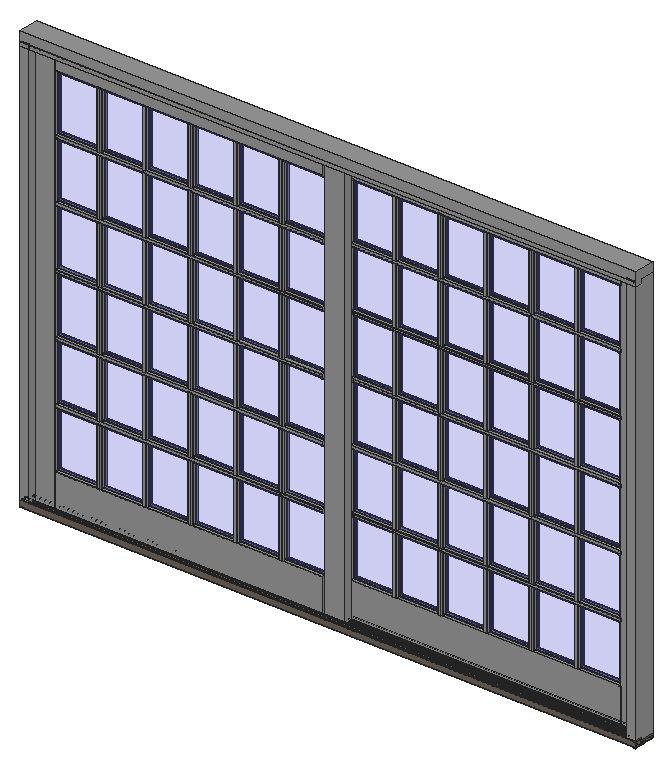
Revit family "VSDA3.0SP RH", category Doors, host Wall, Revit 2015 (continued)
Forms (mm)
  Sweep 31, solid, material "Lauan, Meranti"
    path origin (860.605, -75, -1078.763) x (1, 0, 0) y (0, 0, 1)
      loop
        line (302.475, 2740.763) -> (302.475, 2456.763) -> (513.395, 2456.763) -> (513.395, 2740.763) -> (302.475, 2740.763)
    profile origin (1268.54, -75, 1662) x (0, 0, 1) y (0, -1, 0)
      loop
        line (-9, -124.5) -> (-9, -126.5) -> (-7, -126.5)
        arc (-7, -126.5) -> (-4.67, -130.866) -> (0, -132.5) r 6.807
        line (0, -132.5) -> (0, -124.5) -> (-9, -124.5)
  Sweep 32, solid, material "Lauan, Meranti"
    path origin (636.685, -75, -1078.763) x (1, 0, 0) y (0, 0, 1)
      loop
        line (302.475, 2740.763) -> (302.475, 2456.763) -> (513.395, 2456.763) -> (513.395, 2740.763) -> (302.475, 2740.763)
    profile origin (1044.62, -75, 1662) x (0, 0, 1) y (0, -1, 0)
      loop
        line (-9, -124.5) -> (-9, -126.5) -> (-7, -126.5)
        arc (-7, -126.5) -> (-4.67, -130.866) -> (0, -132.5) r 6.807
        line (0, -132.5) -> (0, -124.5) -> (-9, -124.5)
  Sweep 33, solid, material "Lauan, Meranti"
    path origin (412.765, -75, -1078.763) x (1, 0, 0) y (0, 0, 1)
      loop
        line (302.475, 2740.763) -> (302.475, 2456.763) -> (513.395, 2456.763) -> (513.395, 2740.763) -> (302.475, 2740.763)
    profile origin (820.7, -75, 1662) x (0, 0, 1) y (0, -1, 0)
      loop
        line (-9, -124.5) -> (-9, -126.5) -> (-7, -126.5)
        arc (-7, -126.5) -> (-4.67, -130.866) -> (0, -132.5) r 6.807
        line (0, -132.5) -> (0, -124.5) -> (-9, -124.5)
  Sweep 34, solid, material "Lauan, Meranti"
    path origin (188.845, -75, -1078.763) x (1, 0, 0) y (0, 0, 1)
      loop
        line (302.475, 2740.763) -> (302.475, 2456.763) -> (513.395, 2456.763) -> (513.395, 2740.763) -> (302.475, 2740.763)
    profile origin (596.78, -75, 1662) x (0, 0, 1) y (0, -1, 0)
      loop
        line (-9, -124.5) -> (-9, -126.5) -> (-7, -126.5)
        arc (-7, -126.5) -> (-4.67, -130.866) -> (0, -132.5) r 6.807
        line (0, -132.5) -> (0, -124.5) -> (-9, -124.5)
  Sweep 35, solid, material "Lauan, Meranti"
    path origin (-35.075, -75, -1078.763) x (1, 0, 0) y (0, 0, 1)
      loop
        line (302.475, 2740.763) -> (302.475, 2456.763) -> (513.395, 2456.763) -> (513.395, 2740.763) -> (302.475, 2740.763)
    profile origin (372.86, -75, 1662) x (0, 0, 1) y (0, -1, 0)
      loop
        line (-9, -124.5) -> (-9, -126.5) -> (-7, -126.5)
        arc (-7, -126.5) -> (-4.67, -130.866) -> (0, -132.5) r 6.807
        line (0, -132.5) -> (0, -124.5) -> (-9, -124.5)
  Sweep 36, solid, material "Lauan, Meranti"
    path origin (-258.995, -75, -1078.763) x (1, 0, 0) y (0, 0, 1)
      loop
        line (302.475, 2740.763) -> (302.475, 2456.763) -> (513.395, 2456.763) -> (513.395, 2740.763) -> (302.475, 2740.763)
    profile origin (148.94, -75, 1662) x (0, 0, 1) y (0, -1, 0)
      loop
        line (-9, -124.5) -> (-9, -126.5) -> (-7, -126.5)
        arc (-7, -126.5) -> (-4.67, -130.866) -> (0, -132.5) r 6.807
        line (0, -132.5) -> (0, -124.5) -> (-9, -124.5)
  Sweep 37, solid, material "Lauan, Meranti"
    path origin (860.605, -75, -1375.763) x (1, 0, 0) y (0, 0, 1)
      loop
        line (302.475, 2740.763) -> (302.475, 2456.763) -> (513.395, 2456.763) -> (513.395, 2740.763) -> (302.475, 2740.763)
    profile origin (1268.54, -75, 1365) x (0, 0, 1) y (0, -1, 0)
      loop
        line (-9, -124.5) -> (-9, -126.5) -> (-7, -126.5)
        arc (-7, -126.5) -> (-4.67, -130.866) -> (0, -132.5) r 6.807
        line (0, -132.5) -> (0, -124.5) -> (-9, -124.5)
  Sweep 38, solid, material "Lauan, Meranti"
    path origin (636.685, -75, -1375.763) x (1, 0, 0) y (0, 0, 1)
      loop
        line (302.475, 2740.763) -> (302.475, 2456.763) -> (513.395, 2456.763) -> (513.395, 2740.763) -> (302.475, 2740.763)
    profile origin (1044.62, -75, 1365) x (0, 0, 1) y (0, -1, 0)
      loop
        line (-9, -124.5) -> (-9, -126.5) -> (-7, -126.5)
        arc (-7, -126.5) -> (-4.67, -130.866) -> (0, -132.5) r 6.807
        line (0, -132.5) -> (0, -124.5) -> (-9, -124.5)
  Sweep 39, solid, material "Lauan, Meranti"
    path origin (412.765, -75, -1375.763) x (1, 0, 0) y (0, 0, 1)
      loop
        line (302.475, 2740.763) -> (302.475, 2456.763) -> (513.395, 2456.763) -> (513.395, 2740.763) -> (302.475, 2740.763)
    profile origin (820.7, -75, 1365) x (0, 0, 1) y (0, -1, 0)
      loop
        line (-9, -124.5) -> (-9, -126.5) -> (-7, -126.5)
        arc (-7, -126.5) -> (-4.67, -130.866) -> (0, -132.5) r 6.807
        line (0, -132.5) -> (0, -124.5) -> (-9, -124.5)
  Sweep 40, solid, material "Lauan, Meranti"
    path origin (188.845, -75, -1375.763) x (1, 0, 0) y (0, 0, 1)
      loop
        line (302.475, 2740.763) -> (302.475, 2456.763) -> (513.395, 2456.763) -> (513.395, 2740.763) -> (302.475, 2740.763)
    profile origin (596.78, -75, 1365) x (0, 0, 1) y (0, -1, 0)
      loop
        line (-9, -124.5) -> (-9, -126.5) -> (-7, -126.5)
        arc (-7, -126.5) -> (-4.67, -130.866) -> (0, -132.5) r 6.807
        line (0, -132.5) -> (0, -124.5) -> (-9, -124.5)
  Sweep 41, solid, material "Lauan, Meranti"
    path origin (-35.075, -75, -1375.763) x (1, 0, 0) y (0, 0, 1)
      loop
        line (302.475, 2740.763) -> (302.475, 2456.763) -> (513.395, 2456.763) -> (513.395, 2740.763) -> (302.475, 2740.763)
    profile origin (372.86, -75, 1365) x (0, 0, 1) y (0, -1, 0)
      loop
        line (-9, -124.5) -> (-9, -126.5) -> (-7, -126.5)
        arc (-7, -126.5) -> (-4.67, -130.866) -> (0, -132.5) r 6.807
        line (0, -132.5) -> (0, -124.5) -> (-9, -124.5)
  Sweep 42, solid, material "Lauan, Meranti"
    path origin (-258.995, -75, -1375.763) x (1, 0, 0) y (0, 0, 1)
      loop
        line (302.475, 2740.763) -> (302.475, 2456.763) -> (513.395, 2456.763) -> (513.395, 2740.763) -> (302.475, 2740.763)
    profile origin (148.94, -75, 1365) x (0, 0, 1) y (0, -1, 0)
      loop
        line (-9, -124.5) -> (-9, -126.5) -> (-7, -126.5)
        arc (-7, -126.5) -> (-4.67, -130.866) -> (0, -132.5) r 6.807
        line (0, -132.5) -> (0, -124.5) -> (-9, -124.5)
  Sweep 43, solid, material "Lauan, Meranti"
    path origin (860.605, -75, -1672.763) x (1, 0, 0) y (0, 0, 1)
      loop
        line (302.475, 2740.763) -> (302.475, 2456.763) -> (513.395, 2456.763) -> (513.395, 2740.763) -> (302.475, 2740.763)
    profile origin (1268.54, -75, 1068) x (0, 0, 1) y (0, -1, 0)
      loop
        line (-9, -124.5) -> (-9, -126.5) -> (-7, -126.5)
        arc (-7, -126.5) -> (-4.67, -130.866) -> (0, -132.5) r 6.807
        line (0, -132.5) -> (0, -124.5) -> (-9, -124.5)
  Sweep 44, solid, material "Lauan, Meranti"
    path origin (636.685, -75, -1672.763) x (1, 0, 0) y (0, 0, 1)
      loop
        line (302.475, 2740.763) -> (302.475, 2456.763) -> (513.395, 2456.763) -> (513.395, 2740.763) -> (302.475, 2740.763)
    profile origin (1044.62, -75, 1068) x (0, 0, 1) y (0, -1, 0)
      loop
        line (-9, -124.5) -> (-9, -126.5) -> (-7, -126.5)
        arc (-7, -126.5) -> (-4.67, -130.866) -> (0, -132.5) r 6.807
        line (0, -132.5) -> (0, -124.5) -> (-9, -124.5)
  Sweep 45, solid, material "Lauan, Meranti"
    path origin (412.765, -75, -1672.763) x (1, 0, 0) y (0, 0, 1)
      loop
        line (302.475, 2740.763) -> (302.475, 2456.763) -> (513.395, 2456.763) -> (513.395, 2740.763) -> (302.475, 2740.763)
    profile origin (820.7, -75, 1068) x (0, 0, 1) y (0, -1, 0)
      loop
        line (-9, -124.5) -> (-9, -126.5) -> (-7, -126.5)
        arc (-7, -126.5) -> (-4.67, -130.866) -> (0, -132.5) r 6.807
        line (0, -132.5) -> (0, -124.5) -> (-9, -124.5)
  Sweep 46, solid, material "Lauan, Meranti"
    path origin (188.845, -75, -1672.763) x (1, 0, 0) y (0, 0, 1)
      loop
        line (302.475, 2740.763) -> (302.475, 2456.763) -> (513.395, 2456.763) -> (513.395, 2740.763) -> (302.475, 2740.763)
    profile origin (596.78, -75, 1068) x (0, 0, 1) y (0, -1, 0)
      loop
        line (-9, -124.5) -> (-9, -126.5) -> (-7, -126.5)
        arc (-7, -126.5) -> (-4.67, -130.866) -> (0, -132.5) r 6.807
        line (0, -132.5) -> (0, -124.5) -> (-9, -124.5)
  Sweep 47, solid, material "Lauan, Meranti"
    path origin (-35.075, -75, -1672.763) x (1, 0, 0) y (0, 0, 1)
      loop
        line (302.475, 2740.763) -> (302.475, 2456.763) -> (513.395, 2456.763) -> (513.395, 2740.763) -> (302.475, 2740.763)
    profile origin (372.86, -75, 1068) x (0, 0, 1) y (0, -1, 0)
      loop
        line (-9, -124.5) -> (-9, -126.5) -> (-7, -126.5)
        arc (-7, -126.5) -> (-4.67, -130.866) -> (0, -132.5) r 6.807
        line (0, -132.5) -> (0, -124.5) -> (-9, -124.5)
  Sweep 48, solid, material "Lauan, Meranti"
    path origin (-258.995, -75, -1672.763) x (1, 0, 0) y (0, 0, 1)
      loop
        line (302.475, 2740.763) -> (302.475, 2456.763) -> (513.395, 2456.763) -> (513.395, 2740.763) -> (302.475, 2740.763)
    profile origin (148.94, -75, 1068) x (0, 0, 1) y (0, -1, 0)
      loop
        line (-9, -124.5) -> (-9, -126.5) -> (-7, -126.5)
        arc (-7, -126.5) -> (-4.67, -130.866) -> (0, -132.5) r 6.807
        line (0, -132.5) -> (0, -124.5) -> (-9, -124.5)
  Sweep 49, solid, material "Lauan, Meranti"
    path origin (860.605, -75, -1969.763) x (1, 0, 0) y (0, 0, 1)
      loop
        line (302.475, 2740.763) -> (302.475, 2456.763) -> (513.395, 2456.763) -> (513.395, 2740.763) -> (302.475, 2740.763)
    profile origin (1268.54, -75, 771) x (0, 0, 1) y (0, -1, 0)
      loop
        line (-9, -124.5) -> (-9, -126.5) -> (-7, -126.5)
        arc (-7, -126.5) -> (-4.67, -130.866) -> (0, -132.5) r 6.807
        line (0, -132.5) -> (0, -124.5) -> (-9, -124.5)
  Sweep 50, solid, material "Lauan, Meranti"
    path origin (636.685, -75, -1969.763) x (1, 0, 0) y (0, 0, 1)
      loop
        line (302.475, 2740.763) -> (302.475, 2456.763) -> (513.395, 2456.763) -> (513.395, 2740.763) -> (302.475, 2740.763)
    profile origin (1044.62, -75, 771) x (0, 0, 1) y (0, -1, 0)
      loop
        line (-9, -124.5) -> (-9, -126.5) -> (-7, -126.5)
        arc (-7, -126.5) -> (-4.67, -130.866) -> (0, -132.5) r 6.807
        line (0, -132.5) -> (0, -124.5) -> (-9, -124.5)
  Sweep 51, solid, material "Lauan, Meranti"
    path origin (412.765, -75, -1969.763) x (1, 0, 0) y (0, 0, 1)
      loop
        line (302.475, 2740.763) -> (302.475, 2456.763) -> (513.395, 2456.763) -> (513.395, 2740.763) -> (302.475, 2740.763)
    profile origin (820.7, -75, 771) x (0, 0, 1) y (0, -1, 0)
      loop
        line (-9, -124.5) -> (-9, -126.5) -> (-7, -126.5)
        arc (-7, -126.5) -> (-4.67, -130.866) -> (0, -132.5) r 6.807
        line (0, -132.5) -> (0, -124.5) -> (-9, -124.5)
  Sweep 52, solid, material "Lauan, Meranti"
    path origin (188.845, -75, -1969.763) x (1, 0, 0) y (0, 0, 1)
      loop
        line (302.475, 2740.763) -> (302.475, 2456.763) -> (513.395, 2456.763) -> (513.395, 2740.763) -> (302.475, 2740.763)
    profile origin (596.78, -75, 771) x (0, 0, 1) y (0, -1, 0)
      loop
        line (-9, -124.5) -> (-9, -126.5) -> (-7, -126.5)
        arc (-7, -126.5) -> (-4.67, -130.866) -> (0, -132.5) r 6.807
        line (0, -132.5) -> (0, -124.5) -> (-9, -124.5)
  Sweep 53, solid, material "Lauan, Meranti"
    path origin (-35.075, -75, -1969.763) x (1, 0, 0) y (0, 0, 1)
      loop
        line (302.475, 2740.763) -> (302.475, 2456.763) -> (513.395, 2456.763) -> (513.395, 2740.763) -> (302.475, 2740.763)
    profile origin (372.86, -75, 771) x (0, 0, 1) y (0, -1, 0)
      loop
        line (-9, -124.5) -> (-9, -126.5) -> (-7, -126.5)
        arc (-7, -126.5) -> (-4.67, -130.866) -> (0, -132.5) r 6.807
        line (0, -132.5) -> (0, -124.5) -> (-9, -124.5)
  Sweep 54, solid, material "Lauan, Meranti"
    path origin (-258.995, -75, -1969.763) x (1, 0, 0) y (0, 0, 1)
      loop
        line (302.475, 2740.763) -> (302.475, 2456.763) -> (513.395, 2456.763) -> (513.395, 2740.763) -> (302.475, 2740.763)
    profile origin (148.94, -75, 771) x (0, 0, 1) y (0, -1, 0)
      loop
        line (-9, -124.5) -> (-9, -126.5) -> (-7, -126.5)
        arc (-7, -126.5) -> (-4.67, -130.866) -> (0, -132.5) r 6.807
        line (0, -132.5) -> (0, -124.5) -> (-9, -124.5)
  Sweep 55, solid, material "Lauan, Meranti"
    path origin (860.605, -75, -2266.763) x (1, 0, 0) y (0, 0, 1)
      loop
        line (302.475, 2740.763) -> (302.475, 2456.763) -> (513.395, 2456.763) -> (513.395, 2740.763) -> (302.475, 2740.763)
    profile origin (1268.54, -75, 474) x (0, 0, 1) y (0, -1, 0)
      loop
        line (-9, -124.5) -> (-9, -126.5) -> (-7, -126.5)
        arc (-7, -126.5) -> (-4.67, -130.866) -> (0, -132.5) r 6.807
        line (0, -132.5) -> (0, -124.5) -> (-9, -124.5)
  Sweep 56, solid, material "Lauan, Meranti"
    path origin (636.685, -75, -2266.763) x (1, 0, 0) y (0, 0, 1)
      loop
        line (302.475, 2740.763) -> (302.475, 2456.763) -> (513.395, 2456.763) -> (513.395, 2740.763) -> (302.475, 2740.763)
    profile origin (1044.62, -75, 474) x (0, 0, 1) y (0, -1, 0)
      loop
        line (-9, -124.5) -> (-9, -126.5) -> (-7, -126.5)
        arc (-7, -126.5) -> (-4.67, -130.866) -> (0, -132.5) r 6.807
        line (0, -132.5) -> (0, -124.5) -> (-9, -124.5)
  Sweep 57, solid, material "Lauan, Meranti"
    path origin (412.765, -75, -2266.763) x (1, 0, 0) y (0, 0, 1)
      loop
        line (302.475, 2740.763) -> (302.475, 2456.763) -> (513.395, 2456.763) -> (513.395, 2740.763) -> (302.475, 2740.763)
    profile origin (820.7, -75, 474) x (0, 0, 1) y (0, -1, 0)
      loop
        line (-9, -124.5) -> (-9, -126.5) -> (-7, -126.5)
        arc (-7, -126.5) -> (-4.67, -130.866) -> (0, -132.5) r 6.807
        line (0, -132.5) -> (0, -124.5) -> (-9, -124.5)
  Sweep 58, solid, material "Lauan, Meranti"
    path origin (188.845, -75, -2266.763) x (1, 0, 0) y (0, 0, 1)
      loop
        line (302.475, 2740.763) -> (302.475, 2456.763) -> (513.395, 2456.763) -> (513.395, 2740.763) -> (302.475, 2740.763)
    profile origin (596.78, -75, 474) x (0, 0, 1) y (0, -1, 0)
      loop
        line (-9, -124.5) -> (-9, -126.5) -> (-7, -126.5)
        arc (-7, -126.5) -> (-4.67, -130.866) -> (0, -132.5) r 6.807
        line (0, -132.5) -> (0, -124.5) -> (-9, -124.5)
  Sweep 59, solid, material "Lauan, Meranti"
    path origin (-35.075, -75, -2266.763) x (1, 0, 0) y (0, 0, 1)
      loop
        line (302.475, 2740.763) -> (302.475, 2456.763) -> (513.395, 2456.763) -> (513.395, 2740.763) -> (302.475, 2740.763)
    profile origin (372.86, -75, 474) x (0, 0, 1) y (0, -1, 0)
      loop
        line (-9, -124.5) -> (-9, -126.5) -> (-7, -126.5)
        arc (-7, -126.5) -> (-4.67, -130.866) -> (0, -132.5) r 6.807
        line (0, -132.5) -> (0, -124.5) -> (-9, -124.5)
  Sweep 60, solid, material "Lauan, Meranti"
    path origin (-258.995, -75, -2266.763) x (1, 0, 0) y (0, 0, 1)
      loop
        line (302.475, 2740.763) -> (302.475, 2456.763) -> (513.395, 2456.763) -> (513.395, 2740.763) -> (302.475, 2740.763)
    profile origin (148.94, -75, 474) x (0, 0, 1) y (0, -1, 0)
      loop
        line (-9, -124.5) -> (-9, -126.5) -> (-7, -126.5)
        arc (-7, -126.5) -> (-4.67, -130.866) -> (0, -132.5) r 6.807
        line (0, -132.5) -> (0, -124.5) -> (-9, -124.5)
  Sweep 61, solid, material "Lauan, Meranti"
    path origin (-1430.308, -121.5, -781.763) x (1, 0, 0) y (0, 0, 1)
      loop
        line (280.228, 2740.763) -> (280.228, 2456.763) -> (491.148, 2456.763) -> (491.148, 2740.763) -> (280.228, 2740.763)
    profile origin (-1044.62, -121.5, 1959) x (0, 0, 1) y (0, -1, 0)
      loop
        line (-9, -124.5) -> (-9, -126.5) -> (-7, -126.5)
        arc (-7, -126.5) -> (-4.67, -130.866) -> (0, -132.5) r 6.807
        line (0, -132.5) -> (0, -124.5) -> (-9, -124.5)
  Sweep 62, solid, material "Lauan, Meranti"
    path origin (-1206.388, -121.5, -781.763) x (1, 0, 0) y (0, 0, 1)
      loop
        line (280.228, 2740.763) -> (280.228, 2456.763) -> (491.148, 2456.763) -> (491.148, 2740.763) -> (280.228, 2740.763)
    profile origin (-820.7, -121.5, 1959) x (0, 0, 1) y (0, -1, 0)
      loop
        line (-9, -124.5) -> (-9, -126.5) -> (-7, -126.5)
        arc (-7, -126.5) -> (-4.67, -130.866) -> (0, -132.5) r 6.807
        line (0, -132.5) -> (0, -124.5) -> (-9, -124.5)
  Sweep 63, solid, material "Lauan, Meranti"
    path origin (-982.468, -121.5, -781.763) x (1, 0, 0) y (0, 0, 1)
      loop
        line (280.228, 2740.763) -> (280.228, 2456.763) -> (491.148, 2456.763) -> (491.148, 2740.763) -> (280.228, 2740.763)
    profile origin (-596.78, -121.5, 1959) x (0, 0, 1) y (0, -1, 0)
      loop
        line (-9, -124.5) -> (-9, -126.5) -> (-7, -126.5)
        arc (-7, -126.5) -> (-4.67, -130.866) -> (0, -132.5) r 6.807
        line (0, -132.5) -> (0, -124.5) -> (-9, -124.5)
  Sweep 64, solid, material "Lauan, Meranti"
    path origin (-758.548, -121.5, -781.763) x (1, 0, 0) y (0, 0, 1)
      loop
        line (280.228, 2740.763) -> (280.228, 2456.763) -> (491.148, 2456.763) -> (491.148, 2740.763) -> (280.228, 2740.763)
    profile origin (-372.86, -121.5, 1959) x (0, 0, 1) y (0, -1, 0)
      loop
        line (-9, -124.5) -> (-9, -126.5) -> (-7, -126.5)
        arc (-7, -126.5) -> (-4.67, -130.866) -> (0, -132.5) r 6.807
        line (0, -132.5) -> (0, -124.5) -> (-9, -124.5)
  Sweep 65, solid, material "Lauan, Meranti"
    path origin (-534.628, -121.5, -781.763) x (1, 0, 0) y (0, 0, 1)
      loop
        line (280.228, 2740.763) -> (280.228, 2456.763) -> (491.148, 2456.763) -> (491.148, 2740.763) -> (280.228, 2740.763)
    profile origin (-148.94, -121.5, 1959) x (0, 0, 1) y (0, -1, 0)
      loop
        line (-9, -124.5) -> (-9, -126.5) -> (-7, -126.5)
        arc (-7, -126.5) -> (-4.67, -130.866) -> (0, -132.5) r 6.807
        line (0, -132.5) -> (0, -124.5) -> (-9, -124.5)
  Sweep 66, solid, material "Lauan, Meranti"
    path origin (-1654.228, -121.5, -1078.763) x (1, 0, 0) y (0, 0, 1)
      loop
        line (280.228, 2740.763) -> (280.228, 2456.763) -> (491.148, 2456.763) -> (491.148, 2740.763) -> (280.228, 2740.763)
    profile origin (-1268.54, -121.5, 1662) x (0, 0, 1) y (0, -1, 0)
      loop
        line (-9, -124.5) -> (-9, -126.5) -> (-7, -126.5)
        arc (-7, -126.5) -> (-4.67, -130.866) -> (0, -132.5) r 6.807
        line (0, -132.5) -> (0, -124.5) -> (-9, -124.5)
  Sweep 67, solid, material "Lauan, Meranti"
    path origin (-1430.308, -121.5, -1078.763) x (1, 0, 0) y (0, 0, 1)
      loop
        line (280.228, 2740.763) -> (280.228, 2456.763) -> (491.148, 2456.763) -> (491.148, 2740.763) -> (280.228, 2740.763)
    profile origin (-1044.62, -121.5, 1662) x (0, 0, 1) y (0, -1, 0)
      loop
        line (-9, -124.5) -> (-9, -126.5) -> (-7, -126.5)
        arc (-7, -126.5) -> (-4.67, -130.866) -> (0, -132.5) r 6.807
        line (0, -132.5) -> (0, -124.5) -> (-9, -124.5)
  Sweep 68, solid, material "Lauan, Meranti"
    path origin (-1206.388, -121.5, -1078.763) x (1, 0, 0) y (0, 0, 1)
      loop
        line (280.228, 2740.763) -> (280.228, 2456.763) -> (491.148, 2456.763) -> (491.148, 2740.763) -> (280.228, 2740.763)
    profile origin (-820.7, -121.5, 1662) x (0, 0, 1) y (0, -1, 0)
      loop
        line (-9, -124.5) -> (-9, -126.5) -> (-7, -126.5)
        arc (-7, -126.5) -> (-4.67, -130.866) -> (0, -132.5) r 6.807
        line (0, -132.5) -> (0, -124.5) -> (-9, -124.5)
  Sweep 69, solid, material "Lauan, Meranti"
    path origin (-982.468, -121.5, -1078.763) x (1, 0, 0) y (0, 0, 1)
      loop
        line (280.228, 2740.763) -> (280.228, 2456.763) -> (491.148, 2456.763) -> (491.148, 2740.763) -> (280.228, 2740.763)
    profile origin (-596.78, -121.5, 1662) x (0, 0, 1) y (0, -1, 0)
      loop
        line (-9, -124.5) -> (-9, -126.5) -> (-7, -126.5)
        arc (-7, -126.5) -> (-4.67, -130.866) -> (0, -132.5) r 6.807
        line (0, -132.5) -> (0, -124.5) -> (-9, -124.5)
  Sweep 70, solid, material "Lauan, Meranti"
    path origin (-758.548, -121.5, -1078.763) x (1, 0, 0) y (0, 0, 1)
      loop
        line (280.228, 2740.763) -> (280.228, 2456.763) -> (491.148, 2456.763) -> (491.148, 2740.763) -> (280.228, 2740.763)
    profile origin (-372.86, -121.5, 1662) x (0, 0, 1) y (0, -1, 0)
      loop
        line (-9, -124.5) -> (-9, -126.5) -> (-7, -126.5)
        arc (-7, -126.5) -> (-4.67, -130.866) -> (0, -132.5) r 6.807
        line (0, -132.5) -> (0, -124.5) -> (-9, -124.5)
  Sweep 71, solid, material "Lauan, Meranti"
    path origin (-534.628, -121.5, -1078.763) x (1, 0, 0) y (0, 0, 1)
      loop
        line (280.228, 2740.763) -> (280.228, 2456.763) -> (491.148, 2456.763) -> (491.148, 2740.763) -> (280.228, 2740.763)
    profile origin (-148.94, -121.5, 1662) x (0, 0, 1) y (0, -1, 0)
      loop
        line (-9, -124.5) -> (-9, -126.5) -> (-7, -126.5)
        arc (-7, -126.5) -> (-4.67, -130.866) -> (0, -132.5) r 6.807
        line (0, -132.5) -> (0, -124.5) -> (-9, -124.5)
  Sweep 72, solid, material "Lauan, Meranti"
    path origin (-1654.228, -121.5, -1375.763) x (1, 0, 0) y (0, 0, 1)
      loop
        line (280.228, 2740.763) -> (280.228, 2456.763) -> (491.148, 2456.763) -> (491.148, 2740.763) -> (280.228, 2740.763)
    profile origin (-1268.54, -121.5, 1365) x (0, 0, 1) y (0, -1, 0)
      loop
        line (-9, -124.5) -> (-9, -126.5) -> (-7, -126.5)
        arc (-7, -126.5) -> (-4.67, -130.866) -> (0, -132.5) r 6.807
        line (0, -132.5) -> (0, -124.5) -> (-9, -124.5)
  Sweep 73, solid, material "Lauan, Meranti"
    path origin (-1430.308, -121.5, -1375.763) x (1, 0, 0) y (0, 0, 1)
      loop
        line (280.228, 2740.763) -> (280.228, 2456.763) -> (491.148, 2456.763) -> (491.148, 2740.763) -> (280.228, 2740.763)
    profile origin (-1044.62, -121.5, 1365) x (0, 0, 1) y (0, -1, 0)
      loop
        line (-9, -124.5) -> (-9, -126.5) -> (-7, -126.5)
        arc (-7, -126.5) -> (-4.67, -130.866) -> (0, -132.5) r 6.807
        line (0, -132.5) -> (0, -124.5) -> (-9, -124.5)
  Sweep 74, solid, material "Lauan, Meranti"
    path origin (-1206.388, -121.5, -1375.763) x (1, 0, 0) y (0, 0, 1)
      loop
        line (280.228, 2740.763) -> (280.228, 2456.763) -> (491.148, 2456.763) -> (491.148, 2740.763) -> (280.228, 2740.763)
    profile origin (-820.7, -121.5, 1365) x (0, 0, 1) y (0, -1, 0)
      loop
        line (-9, -124.5) -> (-9, -126.5) -> (-7, -126.5)
        arc (-7, -126.5) -> (-4.67, -130.866) -> (0, -132.5) r 6.807
        line (0, -132.5) -> (0, -124.5) -> (-9, -124.5)
  Sweep 75, solid, material "Lauan, Meranti"
    path origin (-982.468, -121.5, -1375.763) x (1, 0, 0) y (0, 0, 1)
      loop
        line (280.228, 2740.763) -> (280.228, 2456.763) -> (491.148, 2456.763) -> (491.148, 2740.763) -> (280.228, 2740.763)
    profile origin (-596.78, -121.5, 1365) x (0, 0, 1) y (0, -1, 0)
      loop
        line (-9, -124.5) -> (-9, -126.5) -> (-7, -126.5)
        arc (-7, -126.5) -> (-4.67, -130.866) -> (0, -132.5) r 6.807
        line (0, -132.5) -> (0, -124.5) -> (-9, -124.5)
  Sweep 76, solid, material "Lauan, Meranti"
    path origin (-758.548, -121.5, -1375.763) x (1, 0, 0) y (0, 0, 1)
      loop
        line (280.228, 2740.763) -> (280.228, 2456.763) -> (491.148, 2456.763) -> (491.148, 2740.763) -> (280.228, 2740.763)
    profile origin (-372.86, -121.5, 1365) x (0, 0, 1) y (0, -1, 0)
      loop
        line (-9, -124.5) -> (-9, -126.5) -> (-7, -126.5)
        arc (-7, -126.5) -> (-4.67, -130.866) -> (0, -132.5) r 6.807
        line (0, -132.5) -> (0, -124.5) -> (-9, -124.5)
  Sweep 77, solid, material "Lauan, Meranti"
    path origin (-534.628, -121.5, -1375.763) x (1, 0, 0) y (0, 0, 1)
      loop
        line (280.228, 2740.763) -> (280.228, 2456.763) -> (491.148, 2456.763) -> (491.148, 2740.763) -> (280.228, 2740.763)
    profile origin (-148.94, -121.5, 1365) x (0, 0, 1) y (0, -1, 0)
      loop
        line (-9, -124.5) -> (-9, -126.5) -> (-7, -126.5)
        arc (-7, -126.5) -> (-4.67, -130.866) -> (0, -132.5) r 6.807
        line (0, -132.5) -> (0, -124.5) -> (-9, -124.5)
  Sweep 78, solid, material "Lauan, Meranti"
    path origin (-1654.228, -121.5, -1672.763) x (1, 0, 0) y (0, 0, 1)
      loop
        line (280.228, 2740.763) -> (280.228, 2456.763) -> (491.148, 2456.763) -> (491.148, 2740.763) -> (280.228, 2740.763)
    profile origin (-1268.54, -121.5, 1068) x (0, 0, 1) y (0, -1, 0)
      loop
        line (-9, -124.5) -> (-9, -126.5) -> (-7, -126.5)
        arc (-7, -126.5) -> (-4.67, -130.866) -> (0, -132.5) r 6.807
        line (0, -132.5) -> (0, -124.5) -> (-9, -124.5)
  Sweep 79, solid, material "Lauan, Meranti"
    path origin (-1430.308, -121.5, -1672.763) x (1, 0, 0) y (0, 0, 1)
      loop
        line (280.228, 2740.763) -> (280.228, 2456.763) -> (491.148, 2456.763) -> (491.148, 2740.763) -> (280.228, 2740.763)
    profile origin (-1044.62, -121.5, 1068) x (0, 0, 1) y (0, -1, 0)
      loop
        line (-9, -124.5) -> (-9, -126.5) -> (-7, -126.5)
        arc (-7, -126.5) -> (-4.67, -130.866) -> (0, -132.5) r 6.807
        line (0, -132.5) -> (0, -124.5) -> (-9, -124.5)
  Sweep 80, solid, material "Lauan, Meranti"
    path origin (-1206.388, -121.5, -1672.763) x (1, 0, 0) y (0, 0, 1)
      loop
        line (280.228, 2740.763) -> (280.228, 2456.763) -> (491.148, 2456.763) -> (491.148, 2740.763) -> (280.228, 2740.763)
    profile origin (-820.7, -121.5, 1068) x (0, 0, 1) y (0, -1, 0)
      loop
        line (-9, -124.5) -> (-9, -126.5) -> (-7, -126.5)
        arc (-7, -126.5) -> (-4.67, -130.866) -> (0, -132.5) r 6.807
        line (0, -132.5) -> (0, -124.5) -> (-9, -124.5)
  Sweep 81, solid, material "Lauan, Meranti"
    path origin (-982.468, -121.5, -1672.763) x (1, 0, 0) y (0, 0, 1)
      loop
        line (280.228, 2740.763) -> (280.228, 2456.763) -> (491.148, 2456.763) -> (491.148, 2740.763) -> (280.228, 2740.763)
    profile origin (-596.78, -121.5, 1068) x (0, 0, 1) y (0, -1, 0)
      loop
        line (-9, -124.5) -> (-9, -126.5) -> (-7, -126.5)
        arc (-7, -126.5) -> (-4.67, -130.866) -> (0, -132.5) r 6.807
        line (0, -132.5) -> (0, -124.5) -> (-9, -124.5)
  Sweep 82, solid, material "Lauan, Meranti"
    path origin (-758.548, -121.5, -1672.763) x (1, 0, 0) y (0, 0, 1)
      loop
        line (280.228, 2740.763) -> (280.228, 2456.763) -> (491.148, 2456.763) -> (491.148, 2740.763) -> (280.228, 2740.763)
    profile origin (-372.86, -121.5, 1068) x (0, 0, 1) y (0, -1, 0)
      loop
        line (-9, -124.5) -> (-9, -126.5) -> (-7, -126.5)
        arc (-7, -126.5) -> (-4.67, -130.866) -> (0, -132.5) r 6.807
        line (0, -132.5) -> (0, -124.5) -> (-9, -124.5)
  Sweep 83, solid, material "Lauan, Meranti"
    path origin (-534.628, -121.5, -1672.763) x (1, 0, 0) y (0, 0, 1)
      loop
        line (280.228, 2740.763) -> (280.228, 2456.763) -> (491.148, 2456.763) -> (491.148, 2740.763) -> (280.228, 2740.763)
    profile origin (-148.94, -121.5, 1068) x (0, 0, 1) y (0, -1, 0)
      loop
        line (-9, -124.5) -> (-9, -126.5) -> (-7, -126.5)
        arc (-7, -126.5) -> (-4.67, -130.866) -> (0, -132.5) r 6.807
        line (0, -132.5) -> (0, -124.5) -> (-9, -124.5)
  Sweep 84, solid, material "Lauan, Meranti"
    path origin (-1654.228, -121.5, -1969.763) x (1, 0, 0) y (0, 0, 1)
      loop
        line (280.228, 2740.763) -> (280.228, 2456.763) -> (491.148, 2456.763) -> (491.148, 2740.763) -> (280.228, 2740.763)
    profile origin (-1268.54, -121.5, 771) x (0, 0, 1) y (0, -1, 0)
      loop
        line (-9, -124.5) -> (-9, -126.5) -> (-7, -126.5)
        arc (-7, -126.5) -> (-4.67, -130.866) -> (0, -132.5) r 6.807
        line (0, -132.5) -> (0, -124.5) -> (-9, -124.5)
  Sweep 85, solid, material "Lauan, Meranti"
    path origin (-1430.308, -121.5, -1969.763) x (1, 0, 0) y (0, 0, 1)
      loop
        line (280.228, 2740.763) -> (280.228, 2456.763) -> (491.148, 2456.763) -> (491.148, 2740.763) -> (280.228, 2740.763)
    profile origin (-1044.62, -121.5, 771) x (0, 0, 1) y (0, -1, 0)
      loop
        line (-9, -124.5) -> (-9, -126.5) -> (-7, -126.5)
        arc (-7, -126.5) -> (-4.67, -130.866) -> (0, -132.5) r 6.807
        line (0, -132.5) -> (0, -124.5) -> (-9, -124.5)
  Sweep 86, solid, material "Lauan, Meranti"
    path origin (-1206.388, -121.5, -1969.763) x (1, 0, 0) y (0, 0, 1)
      loop
        line (280.228, 2740.763) -> (280.228, 2456.763) -> (491.148, 2456.763) -> (491.148, 2740.763) -> (280.228, 2740.763)
    profile origin (-820.7, -121.5, 771) x (0, 0, 1) y (0, -1, 0)
      loop
        line (-9, -124.5) -> (-9, -126.5) -> (-7, -126.5)
        arc (-7, -126.5) -> (-4.67, -130.866) -> (0, -132.5) r 6.807
        line (0, -132.5) -> (0, -124.5) -> (-9, -124.5)
  Sweep 87, solid, material "Lauan, Meranti"
    path origin (-982.468, -121.5, -1969.763) x (1, 0, 0) y (0, 0, 1)
      loop
        line (280.228, 2740.763) -> (280.228, 2456.763) -> (491.148, 2456.763) -> (491.148, 2740.763) -> (280.228, 2740.763)
    profile origin (-596.78, -121.5, 771) x (0, 0, 1) y (0, -1, 0)
      loop
        line (-9, -124.5) -> (-9, -126.5) -> (-7, -126.5)
        arc (-7, -126.5) -> (-4.67, -130.866) -> (0, -132.5) r 6.807
        line (0, -132.5) -> (0, -124.5) -> (-9, -124.5)
  Sweep 88, solid, material "Lauan, Meranti"
    path origin (-758.548, -121.5, -1969.763) x (1, 0, 0) y (0, 0, 1)
      loop
        line (280.228, 2740.763) -> (280.228, 2456.763) -> (491.148, 2456.763) -> (491.148, 2740.763) -> (280.228, 2740.763)
    profile origin (-372.86, -121.5, 771) x (0, 0, 1) y (0, -1, 0)
      loop
        line (-9, -124.5) -> (-9, -126.5) -> (-7, -126.5)
        arc (-7, -126.5) -> (-4.67, -130.866) -> (0, -132.5) r 6.807
        line (0, -132.5) -> (0, -124.5) -> (-9, -124.5)
  Sweep 89, solid, material "Lauan, Meranti"
    path origin (-534.628, -121.5, -1969.763) x (1, 0, 0) y (0, 0, 1)
      loop
        line (280.228, 2740.763) -> (280.228, 2456.763) -> (491.148, 2456.763) -> (491.148, 2740.763) -> (280.228, 2740.763)
    profile origin (-148.94, -121.5, 771) x (0, 0, 1) y (0, -1, 0)
      loop
        line (-9, -124.5) -> (-9, -126.5) -> (-7, -126.5)
        arc (-7, -126.5) -> (-4.67, -130.866) -> (0, -132.5) r 6.807
        line (0, -132.5) -> (0, -124.5) -> (-9, -124.5)
  Sweep 90, solid, material "Lauan, Meranti"
    path origin (-1654.228, -121.5, -2266.763) x (1, 0, 0) y (0, 0, 1)
      loop
        line (280.228, 2740.763) -> (280.228, 2456.763) -> (491.148, 2456.763) -> (491.148, 2740.763) -> (280.228, 2740.763)
    profile origin (-1268.54, -121.5, 474) x (0, 0, 1) y (0, -1, 0)
      loop
        line (-9, -124.5) -> (-9, -126.5) -> (-7, -126.5)
        arc (-7, -126.5) -> (-4.67, -130.866) -> (0, -132.5) r 6.807
        line (0, -132.5) -> (0, -124.5) -> (-9, -124.5)
  Sweep 91, solid, material "Lauan, Meranti"
    path origin (-1430.308, -121.5, -2266.763) x (1, 0, 0) y (0, 0, 1)
      loop
        line (280.228, 2740.763) -> (280.228, 2456.763) -> (491.148, 2456.763) -> (491.148, 2740.763) -> (280.228, 2740.763)
    profile origin (-1044.62, -121.5, 474) x (0, 0, 1) y (0, -1, 0)
      loop
        line (-9, -124.5) -> (-9, -126.5) -> (-7, -126.5)
        arc (-7, -126.5) -> (-4.67, -130.866) -> (0, -132.5) r 6.807
        line (0, -132.5) -> (0, -124.5) -> (-9, -124.5)
  Sweep 92, solid, material "Lauan, Meranti"
    path origin (-1206.388, -121.5, -2266.763) x (1, 0, 0) y (0, 0, 1)
      loop
        line (280.228, 2740.763) -> (280.228, 2456.763) -> (491.148, 2456.763) -> (491.148, 2740.763) -> (280.228, 2740.763)
    profile origin (-820.7, -121.5, 474) x (0, 0, 1) y (0, -1, 0)
      loop
        line (-9, -124.5) -> (-9, -126.5) -> (-7, -126.5)
        arc (-7, -126.5) -> (-4.67, -130.866) -> (0, -132.5) r 6.807
        line (0, -132.5) -> (0, -124.5) -> (-9, -124.5)
  Sweep 93, solid, material "Lauan, Meranti"
    path origin (-982.468, -121.5, -2266.763) x (1, 0, 0) y (0, 0, 1)
      loop
        line (280.228, 2740.763) -> (280.228, 2456.763) -> (491.148, 2456.763) -> (491.148, 2740.763) -> (280.228, 2740.763)
    profile origin (-596.78, -121.5, 474) x (0, 0, 1) y (0, -1, 0)
      loop
        line (-9, -124.5) -> (-9, -126.5) -> (-7, -126.5)
        arc (-7, -126.5) -> (-4.67, -130.866) -> (0, -132.5) r 6.807
        line (0, -132.5) -> (0, -124.5) -> (-9, -124.5)
  Sweep 94, solid, material "Lauan, Meranti"
    path origin (-758.548, -121.5, -2266.763) x (1, 0, 0) y (0, 0, 1)
      loop
        line (280.228, 2740.763) -> (280.228, 2456.763) -> (491.148, 2456.763) -> (491.148, 2740.763) -> (280.228, 2740.763)
    profile origin (-372.86, -121.5, 474) x (0, 0, 1) y (0, -1, 0)
      loop
        line (-9, -124.5) -> (-9, -126.5) -> (-7, -126.5)
        arc (-7, -126.5) -> (-4.67, -130.866) -> (0, -132.5) r 6.807
        line (0, -132.5) -> (0, -124.5) -> (-9, -124.5)
  Sweep 95, solid, material "Lauan, Meranti"
    path origin (-534.628, -121.5, -2266.763) x (1, 0, 0) y (0, 0, 1)
      loop
        line (280.228, 2740.763) -> (280.228, 2456.763) -> (491.148, 2456.763) -> (491.148, 2740.763) -> (280.228, 2740.763)
    profile origin (-148.94, -121.5, 474) x (0, 0, 1) y (0, -1, 0)
      loop
        line (-9, -124.5) -> (-9, -126.5) -> (-7, -126.5)
        arc (-7, -126.5) -> (-4.67, -130.866) -> (0, -132.5) r 6.807
        line (0, -132.5) -> (0, -124.5) -> (-9, -124.5)
Cuts and joins
  joined: Extrusion 3, Extrusion 5
Lines and regions (mm)
  Opening 1
    outline origin (-3050, -75, 0) x (1, 0, 0) y (0, 0, 1)
      loop
        line (1535, 0) -> (4565, 0) -> (4565, 2100) -> (1535, 2100) -> (1535, 0)
  model lines
    curve 1: line (-869.078, 99.5, 925) -> (-529.078, 99.5, 925)
    curve 2: line (-390, 99.5, 925) -> (-529.078, 99.5, 981.191)
    curve 3: line (-529.078, 99.5, 981.191) -> (-529.078, 99.5, 868.809)
    curve 4: line (-390, 99.5, 925) -> (-529.078, 99.5, 868.809)
Text (mm)
  text "Exterior" at (-2295.016, 1099.543, 0), in view "Ref. Level"
  text "Exterior" at (0, 1615.38, 3698.081), in view "Left"
  text "Exterior" at (0, 1036.032, 3874.932), in view "Right"
Dimensions and locks
  equal spacing: plane 3 "Left", plane 2 "Center (Left/Right)", plane 4 "Right"
  "Width": plane 3 "Left" to plane 4 "Right"
  "Height": plane 5 to host wall
  host wall to plane 5 = 2100 mm  (x2)
  locked: plane 6 "Exterior" to host wall at 0
  locked: plane 7 "Interior" to host wall
  plane 3 "Left" to plane 4 "Right" = 3030 mm
  aligned and locked: plane 3 "Left" to Opening 1 sketch curve
  aligned and locked: plane 5 to Opening 1 sketch curve  (x2)
  aligned and locked: Opening 1 sketch curve to plane 4 "Right"
  aligned and locked: Opening 1 sketch curve to level
  aligned and locked: plane 1 to host wall
  aligned and locked: Extrusion 1 to host wall  (x2)
  aligned and locked: Extrusion 2 to host wall  (x2)
  aligned and locked: Extrusion 5 to Extrusion 1  (x2)
  aligned and locked: Extrusion 4 to Extrusion 1
  aligned and locked: Extrusion 3 to Extrusion 1
  aligned and locked: Extrusion 3 to Extrusion 2
  aligned and locked: Extrusion 4 to Extrusion 2
  aligned and locked: Extrusion 8 to Sweep 9 sketch curve
  aligned and locked: Extrusion 11 to Extrusion 8  (x2)
  aligned and locked: Extrusion 8 to Extrusion 7
Automatic sketch dimensions
  Extrusion 1 sketch curve to level = 0 mm
  level to Extrusion 1 sketch curve = 1 mm
  Extrusion 1 sketch curve to host wall = 22.5 mm
  Extrusion 1 sketch curve to Extrusion 1 sketch curve = 1 mm  (x7)
  Extrusion 1 sketch curve to Extrusion 1 sketch curve = 0.5 mm  (x8)
  Extrusion 1 sketch curve to Extrusion 1 sketch curve = 8.551 mm
  Extrusion 1 sketch curve to Extrusion 1 sketch curve = 0.717 mm  (x10)
  Extrusion 1 sketch curve to Extrusion 1 sketch curve = 1.732 mm  (x10)
  Extrusion 1 sketch curve to Extrusion 1 sketch curve = 0 mm  (x26)
  Extrusion 1 sketch curve to Extrusion 1 sketch curve = 3.101 mm  (x3)
  Extrusion 1 sketch curve to Extrusion 1 sketch curve = 6.351 mm
  Extrusion 1 sketch curve to Extrusion 1 sketch curve = 1.5 mm  (x15)
  Extrusion 1 sketch curve to Extrusion 1 sketch curve = 0.7 mm
  level to Extrusion 1 sketch curve = 1.5 mm  (x3)
  Extrusion 1 sketch curve to Extrusion 1 sketch curve = 1.2 mm  (x2)
  Extrusion 1 sketch curve to Extrusion 1 sketch curve = 8.248 mm
  host wall to Extrusion 1 sketch curve = 4.5 mm
  host wall to Extrusion 1 sketch curve = 1.5 mm  (x2)
  Extrusion 1 sketch curve to host wall = 1.817 mm
  Extrusion 1 sketch curve to Extrusion 1 sketch curve = 1.433 mm  (x3)
  Extrusion 1 sketch curve to host wall = 3.75 mm
  Extrusion 1 sketch curve to Extrusion 1 sketch curve = 1.25 mm  (x2)
  Extrusion 1 sketch curve to Extrusion 1 sketch curve = 3.317 mm
  Extrusion 1 sketch curve to Extrusion 1 sketch curve = 4.551 mm
  Extrusion 1 sketch curve to Extrusion 1 sketch curve = 10.551 mm
  Extrusion 1 sketch curve to Extrusion 1 sketch curve = 11 mm
  Extrusion 1 sketch curve to Extrusion 1 sketch curve = 14.5 mm
  Extrusion 1 sketch curve to Extrusion 1 sketch curve = 2 mm  (x4)
  Extrusion 1 sketch curve to Extrusion 1 sketch curve = 0.3 mm
  Extrusion 1 sketch curve to Extrusion 1 sketch curve = 2.5 mm
  Extrusion 1 sketch curve to Extrusion 1 sketch curve = 1.488 mm
  Extrusion 1 sketch curve to Extrusion 1 sketch curve = 1.012 mm
  Extrusion 1 sketch curve to Extrusion 1 sketch curve = 5.5 mm
  plane 5 to Extrusion 2 sketch curve = 0 mm
  Extrusion 2 sketch curve to host wall = 22.5 mm
  Extrusion 2 sketch curve to Extrusion 2 sketch curve = 0 mm  (x2)
  Extrusion 2 sketch curve to Extrusion 2 sketch curve = 3 mm  (x3)
  Extrusion 2 sketch curve to Extrusion 2 sketch curve = 22 mm
  Extrusion 2 sketch curve to Extrusion 2 sketch curve = 7 mm  (x2)
  Extrusion 2 sketch curve to host wall = 32.5 mm
  Extrusion 2 sketch curve to Extrusion 2 sketch curve = 20 mm
  plane 5 to Extrusion 2 sketch curve = 43 mm
  plane 5 to Extrusion 2 sketch curve = 45 mm
  Extrusion 2 sketch curve to Extrusion 2 sketch curve = 13.5 mm
  Extrusion 2 sketch curve to Extrusion 2 sketch curve = 17 mm
  Extrusion 3 sketch curve to plane 3 "Left" = 0 mm
  Extrusion 3 sketch curve to plane 4 "Right" = 0 mm
  Extrusion 3 sketch curve to plane 3 "Left" = 43 mm
  Extrusion 3 sketch curve to Extrusion 3 sketch curve = 45 mm  (x2)
  Extrusion 3 sketch curve to Extrusion 3 sketch curve = 2 mm
  Extrusion 3 sketch curve to host wall = 22.5 mm  (x3)
  Extrusion 3 sketch curve to host wall = 32.5 mm  (x2)
  Extrusion 3 sketch curve to Extrusion 3 sketch curve = 20 mm
  Extrusion 4 sketch curve to plane 3 "Left" = 43 mm
  Extrusion 4 sketch curve to Extrusion 4 sketch curve = 3 mm  (x2)
  Extrusion 4 sketch curve to Extrusion 4 sketch curve = 15.5 mm
  Extrusion 4 sketch curve to Extrusion 4 sketch curve = 3.5 mm
  Extrusion 4 sketch curve to host wall = 32.5 mm
  Extrusion 4 sketch curve to Extrusion 4 sketch curve = 0 mm
  Extrusion 4 sketch curve to Extrusion 4 sketch curve = 7 mm
  Extrusion 4 sketch curve to Extrusion 4 sketch curve = 17 mm
  Extrusion 4 sketch curve to Extrusion 4 sketch curve = 13 mm
  Extrusion 5 sketch curve to plane 3 "Left" = 0 mm
  Extrusion 5 sketch curve to plane 4 "Right" = 0 mm
  Extrusion 5 sketch curve to plane 3 "Left" = 43 mm
  host wall to Extrusion 5 sketch curve = 19.5 mm  (x2)
  Extrusion 5 sketch curve to Extrusion 5 sketch curve = 45 mm
  plane 4 "Right" to Extrusion 5 sketch curve = 45 mm
  Extrusion 5 sketch curve to Extrusion 5 sketch curve = 2 mm
  Extrusion 5 sketch curve to host wall = 32.5 mm  (x2)
  Extrusion 5 sketch curve to Extrusion 5 sketch curve = 20 mm  (x2)
  curve 4 to plane 2 "Center (Left/Right)" = 529.078 mm
  curve 1 to curve 4 = 139.078 mm
  level to curve 4 = 868.809 mm
  curve 3 to curve 2 = 56.191 mm
  curve 3 to curve 3 = 112.382 mm
  curve 1 to curve 1 = 340 mm
  curve 1 to curve 2 = 56.191 mm
  Extrusion 6 sketch curve to host wall = 32.5 mm
  Extrusion 6 sketch curve to Extrusion 6 sketch curve = 0 mm
  Extrusion 6 sketch curve to Extrusion 6 sketch curve = 7 mm
  Extrusion 6 sketch curve to Extrusion 6 sketch curve = 17 mm
  Extrusion 6 sketch curve to Extrusion 6 sketch curve = 3 mm  (x3)
  plane 5 to Extrusion 6 sketch curve = 65 mm
  Extrusion 6 sketch curve to Extrusion 6 sketch curve = 3.5 mm
  Extrusion 6 sketch curve to Extrusion 6 sketch curve = 12.5 mm
  Extrusion 7 sketch curve to plane 3 "Left" = 45 mm
  host wall to Extrusion 7 sketch curve = 13.5 mm
  Extrusion 7 sketch curve to Extrusion 7 sketch curve = 96 mm
  Extrusion 7 sketch curve to Extrusion 7 sketch curve = 0 mm  (x3)
  Extrusion 7 sketch curve to Extrusion 7 sketch curve = 0.473 mm  (x6)
  Extrusion 7 sketch curve to Extrusion 7 sketch curve = 6.527 mm  (x4)
  Extrusion 7 sketch curve to Extrusion 7 sketch curve = 2 mm  (x8)
  host wall to Extrusion 7 sketch curve = 7.5 mm  (x2)
  Extrusion 7 sketch curve to plane 2 "Center (Left/Right)" = 52.5 mm
  plane 2 "Center (Left/Right)" to Extrusion 7 sketch curve = 43.5 mm
  Extrusion 7 sketch curve to host wall = 4 mm  (x2)
  Extrusion 7 sketch curve to Extrusion 7 sketch curve = 9 mm
  Extrusion 7 sketch curve to host wall = 36 mm
  plane 4 "Right" to Extrusion 7 sketch curve = 150 mm
  plane 4 "Right" to Extrusion 7 sketch curve = 45 mm
  Extrusion 7 sketch curve to Extrusion 7 sketch curve = 6 mm  (x2)
  Extrusion 7 sketch curve to Extrusion 7 sketch curve = 1.468 mm  (x4)
  Extrusion 7 sketch curve to host wall = 24.5 mm  (x2)
  Extrusion 7 sketch curve to Extrusion 7 sketch curve = 6.5 mm
  Extrusion 7 sketch curve to host wall = 31 mm
  Extrusion 8 sketch curve to host wall = 31 mm  (x7)
  Extrusion 8 sketch curve to Extrusion 8 sketch curve = 2 mm  (x28)
  Extrusion 8 sketch curve to Extrusion 8 sketch curve = 6 mm  (x12)
  Extrusion 8 sketch curve to Extrusion 8 sketch curve = 0.803 mm  (x8)
  Extrusion 8 sketch curve to Extrusion 8 sketch curve = 6.803 mm  (x4)
  Extrusion 8 sketch curve to Extrusion 8 sketch curve = 1.197 mm  (x8)
  Extrusion 8 sketch curve to host wall = 4 mm  (x7)
  level to Extrusion 8 sketch curve = 19 mm
  Extrusion 8 sketch curve to Extrusion 8 sketch curve = 171 mm
  Extrusion 8 sketch curve to Extrusion 8 sketch curve = 0 mm  (x4)
  Extrusion 8 sketch curve to Extrusion 8 sketch curve = 0.241 mm  (x12)
  Extrusion 8 sketch curve to Extrusion 8 sketch curve = 266 mm  (x5)
  Extrusion 8 sketch curve to Extrusion 8 sketch curve = 6.759 mm  (x6)
  Extrusion 8 sketch curve to Extrusion 8 sketch curve = 13 mm  (x7)
  plane 5 to Extrusion 8 sketch curve = 150 mm
  plane 5 to Extrusion 8 sketch curve = 45 mm
  plane 4 "Right" to Sweep 9 sketch curve = 351.92 mm
  plane 4 "Right" to Sweep 9 sketch curve = 141 mm
  Sweep 9 sketch curve to Sweep 9 sketch curve = 284 mm
  profile plane to Sweep 9 sketch curve = 0 mm
  profile plane to Sweep 9 sketch curve = 0.241 mm
  Sweep 9 sketch curve to Sweep 9 sketch curve = 6.759 mm
  Sweep 9 sketch curve to Sweep 9 sketch curve = 2 mm  (x2)
  Sweep 9 sketch curve to profile plane = 132.5 mm
  Sweep 9 sketch curve to Sweep 9 sketch curve = 6 mm
  Extrusion 11 sketch curve to host wall = 36 mm
  plane 2 "Center (Left/Right)" to Extrusion 11 sketch curve = 245.4 mm
  Extrusion 11 sketch curve to Extrusion 11 sketch curve = 2 mm  (x24)
  Extrusion 11 sketch curve to Extrusion 11 sketch curve = 6.759 mm  (x10)
  Extrusion 11 sketch curve to host wall = 4 mm  (x5)
  Extrusion 11 sketch curve to Extrusion 11 sketch curve = 0.241 mm  (x15)
  Extrusion 11 sketch curve to Extrusion 11 sketch curve = 13 mm  (x5)
  Extrusion 11 sketch curve to Extrusion 11 sketch curve = 0 mm  (x7)
  Extrusion 11 sketch curve to host wall = 34 mm  (x4)
  Extrusion 11 sketch curve to Extrusion 11 sketch curve = 192.92 mm  (x4)
  Extrusion 11 sketch curve to Extrusion 11 sketch curve = 8 mm  (x5)
  Extrusion 11 sketch curve to Extrusion 11 sketch curve = 6 mm  (x6)
  Extrusion 11 sketch curve to Extrusion 11 sketch curve = 1.197 mm  (x3)
  host wall to Extrusion 12 sketch curve = 15.5 mm  (x7)
  Extrusion 12 sketch curve to Extrusion 12 sketch curve = 2 mm  (x28)
  host wall to Extrusion 12 sketch curve = 7.5 mm  (x12)
  host wall to Extrusion 12 sketch curve = 6.697 mm  (x12)
  Extrusion 12 sketch curve to Extrusion 12 sketch curve = 1.197 mm  (x8)
  Extrusion 12 sketch curve to host wall = 24.5 mm  (x7)
  level to Extrusion 12 sketch curve = 19 mm
  Extrusion 12 sketch curve to Extrusion 12 sketch curve = 171 mm
  Extrusion 12 sketch curve to Extrusion 12 sketch curve = 0 mm  (x4)
  Extrusion 12 sketch curve to Extrusion 12 sketch curve = 0.241 mm  (x12)
  Extrusion 12 sketch curve to Extrusion 12 sketch curve = 266 mm  (x5)
  Extrusion 12 sketch curve to Extrusion 12 sketch curve = 6.759 mm  (x6)
  Extrusion 12 sketch curve to Extrusion 12 sketch curve = 13 mm  (x7)
  plane 5 to Extrusion 12 sketch curve = 150 mm
  plane 5 to Extrusion 12 sketch curve = 45 mm
  host wall to Extrusion 14 sketch curve = 7.5 mm  (x8)
  Extrusion 14 sketch curve to plane 3 "Left" = 342.92 mm
  Extrusion 14 sketch curve to Extrusion 14 sketch curve = 2 mm  (x19)
  Extrusion 14 sketch curve to Extrusion 14 sketch curve = 6.759 mm  (x10)
  Extrusion 14 sketch curve to Extrusion 14 sketch curve = 0.241 mm  (x15)
  Extrusion 14 sketch curve to Extrusion 14 sketch curve = 13 mm  (x8)
  Extrusion 14 sketch curve to Extrusion 14 sketch curve = 0 mm  (x3)
  host wall to Extrusion 14 sketch curve = 5.5 mm  (x2)
  Extrusion 14 sketch curve to Extrusion 14 sketch curve = 192.92 mm  (x4)
  Extrusion 14 sketch curve to Extrusion 14 sketch curve = 6 mm  (x4)
  host wall to Extrusion 14 sketch curve = 13.5 mm  (x3)
  Extrusion 14 sketch curve to Extrusion 14 sketch curve = 8 mm  (x2)
  Extrusion 14 sketch curve to Extrusion 14 sketch curve = 1.197 mm  (x6)
  Extrusion 14 sketch curve to host wall = 24.5 mm  (x5)
  Sweep 15 sketch curve to plane 3 "Left" = 141 mm
  Sweep 15 sketch curve to Sweep 15 sketch curve = 210.92 mm
  plane 5 to Sweep 15 sketch curve = 425 mm
  plane 5 to Sweep 15 sketch curve = 141 mm
  profile plane to Sweep 15 sketch curve = 0 mm
  profile plane to Sweep 15 sketch curve = 0.241 mm
  Sweep 15 sketch curve to Sweep 15 sketch curve = 6.759 mm
  Sweep 15 sketch curve to Sweep 15 sketch curve = 2 mm  (x2)
  Sweep 15 sketch curve to profile plane = 132.5 mm
  Sweep 15 sketch curve to Sweep 15 sketch curve = 6 mm
  Extrusion 16 sketch curve to host wall = 36 mm
  plane 2 "Center (Left/Right)" to Extrusion 16 sketch curve = 245.4 mm
  Extrusion 16 sketch curve to Extrusion 16 sketch curve = 2 mm  (x24)
  Extrusion 16 sketch curve to Extrusion 16 sketch curve = 6.759 mm  (x10)
  Extrusion 16 sketch curve to host wall = 4 mm  (x5)
  Extrusion 16 sketch curve to Extrusion 16 sketch curve = 0.241 mm  (x15)
  Extrusion 16 sketch curve to Extrusion 16 sketch curve = 13 mm  (x5)
  Extrusion 16 sketch curve to Extrusion 16 sketch curve = 0 mm  (x7)
  Extrusion 16 sketch curve to host wall = 34 mm  (x4)
  Extrusion 16 sketch curve to Extrusion 16 sketch curve = 192.92 mm  (x4)
  Extrusion 16 sketch curve to Extrusion 16 sketch curve = 8 mm  (x5)
  Extrusion 16 sketch curve to Extrusion 16 sketch curve = 6 mm  (x6)
  Extrusion 16 sketch curve to Extrusion 16 sketch curve = 1.197 mm  (x3)
  Extrusion 17 sketch curve to host wall = 36 mm
  plane 2 "Center (Left/Right)" to Extrusion 17 sketch curve = 245.4 mm
  Extrusion 17 sketch curve to Extrusion 17 sketch curve = 2 mm  (x24)
  Extrusion 17 sketch curve to Extrusion 17 sketch curve = 6.759 mm  (x10)
  Extrusion 17 sketch curve to host wall = 4 mm  (x5)
  Extrusion 17 sketch curve to Extrusion 17 sketch curve = 0.241 mm  (x15)
  Extrusion 17 sketch curve to Extrusion 17 sketch curve = 13 mm  (x5)
  Extrusion 17 sketch curve to Extrusion 17 sketch curve = 0 mm  (x7)
  Extrusion 17 sketch curve to host wall = 34 mm  (x4)
  Extrusion 17 sketch curve to Extrusion 17 sketch curve = 192.92 mm  (x4)
  Extrusion 17 sketch curve to Extrusion 17 sketch curve = 8 mm  (x5)
  Extrusion 17 sketch curve to Extrusion 17 sketch curve = 6 mm  (x6)
  Extrusion 17 sketch curve to Extrusion 17 sketch curve = 1.197 mm  (x3)
  Extrusion 18 sketch curve to host wall = 36 mm
  plane 2 "Center (Left/Right)" to Extrusion 18 sketch curve = 245.4 mm
  Extrusion 18 sketch curve to Extrusion 18 sketch curve = 2 mm  (x24)
  Extrusion 18 sketch curve to Extrusion 18 sketch curve = 6.759 mm  (x10)
  Extrusion 18 sketch curve to host wall = 4 mm  (x5)
  Extrusion 18 sketch curve to Extrusion 18 sketch curve = 0.241 mm  (x15)
  Extrusion 18 sketch curve to Extrusion 18 sketch curve = 13 mm  (x5)
  Extrusion 18 sketch curve to Extrusion 18 sketch curve = 0 mm  (x7)
  Extrusion 18 sketch curve to host wall = 34 mm  (x4)
  Extrusion 18 sketch curve to Extrusion 18 sketch curve = 192.92 mm  (x4)
  Extrusion 18 sketch curve to Extrusion 18 sketch curve = 8 mm  (x5)
  Extrusion 18 sketch curve to Extrusion 18 sketch curve = 6 mm  (x6)
  Extrusion 18 sketch curve to Extrusion 18 sketch curve = 1.197 mm  (x3)
  Extrusion 19 sketch curve to host wall = 36 mm
  plane 2 "Center (Left/Right)" to Extrusion 19 sketch curve = 245.4 mm
  Extrusion 19 sketch curve to Extrusion 19 sketch curve = 2 mm  (x24)
  Extrusion 19 sketch curve to Extrusion 19 sketch curve = 6.759 mm  (x10)
  Extrusion 19 sketch curve to host wall = 4 mm  (x5)
  Extrusion 19 sketch curve to Extrusion 19 sketch curve = 0.241 mm  (x15)
  Extrusion 19 sketch curve to Extrusion 19 sketch curve = 13 mm  (x5)
  Extrusion 19 sketch curve to Extrusion 19 sketch curve = 0 mm  (x7)
  Extrusion 19 sketch curve to host wall = 34 mm  (x4)
  Extrusion 19 sketch curve to Extrusion 19 sketch curve = 192.92 mm  (x4)
  Extrusion 19 sketch curve to Extrusion 19 sketch curve = 8 mm  (x5)
  Extrusion 19 sketch curve to Extrusion 19 sketch curve = 6 mm  (x6)
  Extrusion 19 sketch curve to Extrusion 19 sketch curve = 1.197 mm  (x3)
  Extrusion 20 sketch curve to host wall = 36 mm
  plane 2 "Center (Left/Right)" to Extrusion 20 sketch curve = 245.4 mm
  Extrusion 20 sketch curve to Extrusion 20 sketch curve = 2 mm  (x24)
  Extrusion 20 sketch curve to Extrusion 20 sketch curve = 6.759 mm  (x10)
  Extrusion 20 sketch curve to host wall = 4 mm  (x5)
  Extrusion 20 sketch curve to Extrusion 20 sketch curve = 0.241 mm  (x15)
  Extrusion 20 sketch curve to Extrusion 20 sketch curve = 13 mm  (x5)
  Extrusion 20 sketch curve to Extrusion 20 sketch curve = 0 mm  (x7)
  Extrusion 20 sketch curve to host wall = 34 mm  (x4)
  Extrusion 20 sketch curve to Extrusion 20 sketch curve = 192.92 mm  (x4)
  Extrusion 20 sketch curve to Extrusion 20 sketch curve = 8 mm  (x5)
  Extrusion 20 sketch curve to Extrusion 20 sketch curve = 6 mm  (x6)
  Extrusion 20 sketch curve to Extrusion 20 sketch curve = 1.197 mm  (x3)
  plane 4 "Right" to Sweep 21 sketch curve = 575.84 mm
  Sweep 21 sketch curve to Sweep 21 sketch curve = 210.92 mm
  plane 5 to Sweep 21 sketch curve = 425 mm
  plane 5 to Sweep 21 sketch curve = 141 mm
  profile plane to Sweep 21 sketch curve = 0 mm
  profile plane to Sweep 21 sketch curve = 0.241 mm
  Sweep 21 sketch curve to Sweep 21 sketch curve = 6.759 mm
  Sweep 21 sketch curve to Sweep 21 sketch curve = 2 mm  (x2)
  Sweep 21 sketch curve to profile plane = 132.5 mm
  Sweep 21 sketch curve to Sweep 21 sketch curve = 6 mm
  plane 2 "Center (Left/Right)" to Sweep 22 sketch curve = 715.24 mm
  Sweep 22 sketch curve to Sweep 22 sketch curve = 210.92 mm
  plane 5 to Sweep 22 sketch curve = 425 mm
  plane 5 to Sweep 22 sketch curve = 141 mm
  profile plane to Sweep 22 sketch curve = 0 mm
  profile plane to Sweep 22 sketch curve = 0.241 mm
  Sweep 22 sketch curve to Sweep 22 sketch curve = 6.759 mm
  Sweep 22 sketch curve to Sweep 22 sketch curve = 2 mm  (x2)
  Sweep 22 sketch curve to profile plane = 132.5 mm
  Sweep 22 sketch curve to Sweep 22 sketch curve = 6 mm
  plane 2 "Center (Left/Right)" to Sweep 23 sketch curve = 491.32 mm
  Sweep 23 sketch curve to Sweep 23 sketch curve = 210.92 mm
  plane 5 to Sweep 23 sketch curve = 425 mm
  plane 5 to Sweep 23 sketch curve = 141 mm
  profile plane to Sweep 23 sketch curve = 0 mm
  profile plane to Sweep 23 sketch curve = 0.241 mm
  Sweep 23 sketch curve to Sweep 23 sketch curve = 6.759 mm
  Sweep 23 sketch curve to Sweep 23 sketch curve = 2 mm  (x2)
  Sweep 23 sketch curve to profile plane = 132.5 mm
  Sweep 23 sketch curve to Sweep 23 sketch curve = 6 mm
  plane 2 "Center (Left/Right)" to Sweep 24 sketch curve = 267.4 mm
  Sweep 24 sketch curve to Sweep 24 sketch curve = 210.92 mm
  plane 5 to Sweep 24 sketch curve = 425 mm
  plane 5 to Sweep 24 sketch curve = 141 mm
  profile plane to Sweep 24 sketch curve = 0 mm
  profile plane to Sweep 24 sketch curve = 0.241 mm
  Sweep 24 sketch curve to Sweep 24 sketch curve = 6.759 mm
  Sweep 24 sketch curve to Sweep 24 sketch curve = 2 mm  (x2)
  Sweep 24 sketch curve to profile plane = 132.5 mm
  Sweep 24 sketch curve to Sweep 24 sketch curve = 6 mm
  plane 2 "Center (Left/Right)" to Sweep 25 sketch curve = 43.48 mm
  Sweep 25 sketch curve to Sweep 25 sketch curve = 210.92 mm
  plane 5 to Sweep 25 sketch curve = 425 mm
  plane 5 to Sweep 25 sketch curve = 141 mm
  profile plane to Sweep 25 sketch curve = 0 mm
  profile plane to Sweep 25 sketch curve = 0.241 mm
  Sweep 25 sketch curve to Sweep 25 sketch curve = 6.759 mm
  Sweep 25 sketch curve to Sweep 25 sketch curve = 2 mm  (x2)
  Sweep 25 sketch curve to profile plane = 132.5 mm
  Sweep 25 sketch curve to Sweep 25 sketch curve = 6 mm
  host wall to Extrusion 26 sketch curve = 7.5 mm  (x8)
  Extrusion 26 sketch curve to plane 3 "Left" = 342.92 mm
  Extrusion 26 sketch curve to Extrusion 26 sketch curve = 2 mm  (x19)
  Extrusion 26 sketch curve to Extrusion 26 sketch curve = 6.759 mm  (x10)
  Extrusion 26 sketch curve to Extrusion 26 sketch curve = 0.241 mm  (x15)
  Extrusion 26 sketch curve to Extrusion 26 sketch curve = 13 mm  (x8)
  Extrusion 26 sketch curve to Extrusion 26 sketch curve = 0 mm  (x3)
  host wall to Extrusion 26 sketch curve = 5.5 mm  (x2)
  Extrusion 26 sketch curve to Extrusion 26 sketch curve = 192.92 mm  (x4)
  Extrusion 26 sketch curve to Extrusion 26 sketch curve = 6 mm  (x4)
  host wall to Extrusion 26 sketch curve = 13.5 mm  (x3)
  Extrusion 26 sketch curve to Extrusion 26 sketch curve = 8 mm  (x2)
